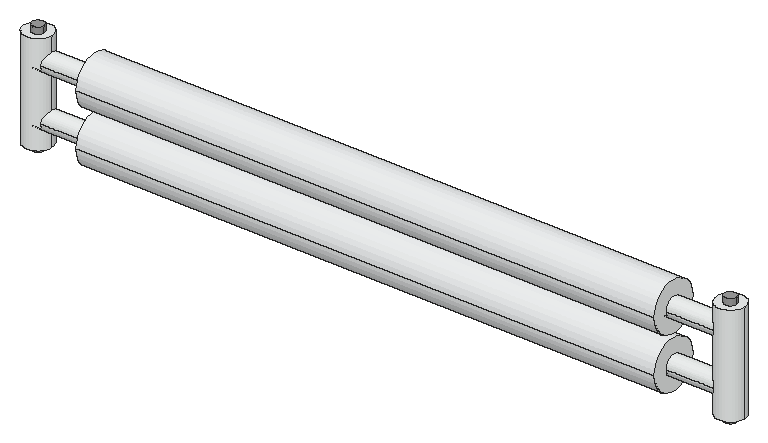
Revit family
Parameters (values of type "K33-73-08")
  URL = "http://viewer.zmags.com/publication/f01ae52f"
  Tube Radius = 16.9 mm
  Tube = RAL 9016
  Thermal Performance = Thermal Performance Constant * Length / 1000 mm  # 124.8
  Socket Thick = 10 mm
  Socket Radius = 10 mm
  Socket = RAL 9016
  Side Tube Radius = 24 mm
  R = Centre Line Distance / 2  # 45 mm
  Offset = 75 mm + Side Tube Radius  # 99 mm
  Model = "K33-73-08"
  Manufacturer = "Meinertz"  # constant formula
  Length = 1200 mm
  L = Length / 2  # 600 mm
  Keynote = "K33-73-08"
  Height = 150 mm
  GoGetNo = 6970  # constant formula
  Fins = yes
  Fin Radius = 41.5 mm
  Fin Pitch = RAL 9016 F
  Fin Diameter = Fin Radius * 2  # 83 mm
  Centre Line Distance = 90 mm
  Thermal Performance Constant = if(Fin Diameter = 73 mm, 88, if(Fin Diameter = 83 mm, 104, if(Fin Diameter = 92 mm, 88, if(Fin Diameter = 98 mm, 82, if(Fin Diameter = 123 mm, 110, if(Fin Diameter = 139 mm, 133, 180))))))  # 104
Types (9, lengths in mm): name | Tube Radius | Thermal Performance | Side Tube Radius | R | Offset | Model | Keynote | Height | Fin Radius | Fin Diameter | Centre Line Distance | Thermal Performance Constant
  (no name) | 16.9 | 124.8 | 24 | 45 | 99 | "K33-73-08" | "K33-73-08" | 150 | 41.5 | 83 | 90 | 104
  K33-73-08 | 16.9 | 124.8 | 24 | 45 | 99 | "K33-73-08" | "K33-73-08" | 150 | 41.5 | 83 | 90 | 104
  K33-83-10 | 16.9 | 124.8 | 24 | 50 | 99 | "K33-83-10" | "K33-83-10" | 150 | 41.5 | 83 | 100 | 104
  K42-92-10 | 21.2 | 105.6 | 30 | 50 | 105 | "K42-92-10" | "K42-92-10" | 150 | 46 | 92 | 100 | 88
  K48-98-10 | 24.2 | 98.4 | 38 | 60 | 113 | "K48-98-10" | "K48-98-10" | 125 | 49 | 98 | 120 | 82
  K60-110-10 | 30.2 | 216 | 54 | 75 | 129 | "K60-110-10" | "K60-110-10" | 150 | 55 | 110 | 150 | 180
  K60-123-12 | 30.2 | 132 | 54 | 75 | 129 | "K60-123-12" | "K60-123-12" | 100 | 61.5 | 123 | 150 | 110
  K76-139-12 | 38.5 | 159.6 | 57 | 95 | 132 | "K76-139-12" | "K76-139-12" | 150 | 69.5 | 139 | 190 | 133
  K101-164-12 | 50.8 | 216 | 69.5 | 135 | 144.5 | "K101-164-12" | "K101-164-12" | 150 | 82 | 164 | 270 | 180
Reference planes
  plane 1 "Center (Front/Back)": y = 0
  plane 2: z = 0
  plane 3 "Center (Left/Right)": x = 2
  plane 4: z = 191.5
  plane 5: z = 281.5
  plane 6: z = 150
  plane 7: z = 323
  plane 8: x = -598
  plane 9: x = 602
  plane 10: z = 236.5
  plane 11: x = 626
  plane 12: x = -622
  plane 13: z = 333
  plane 14: z = 140
Forms (mm)
  Extrusion 1, solid, material "RAL 9016" <- "Tube"
    sketch origin (0, 0, 0) x (1, 0, 0) y (0, 1, 0)
      loop
        circle (602, 0) r 24
    from 150 to 323
  Extrusion 2, solid, material "RAL 9016" <- "Tube"
    sketch origin (0, 0, 0) x (1, 0, 0) y (0, 1, 0)
      loop
        circle (-598, 0) r 24
    from 150 to 323
  Extrusion 3, solid, material "Tap"
    sketch origin (0, 0, 0) x (1, 0, 0) y (0, 1, 0)
      loop
        circle (-598, 0) r 10
    from 323 to 333
  Extrusion 4, solid, material "Tap"
    sketch origin (0, 0, -238) x (1, 0, 0) y (0, 1, 0)
      loop
        circle (-598, 0) r 10
    from 378 to 388
  Extrusion 5, solid, material "Tap"
    sketch origin (4, 0, 0) x (-1, 0, 0) y (0, -1, 0)
      loop
        circle (-598, 0) r 10
    from 323 to 333
  Extrusion 6, solid, material "Tap"
    sketch origin (4, 0, -238) x (-1, 0, 0) y (0, -1, 0)
      loop
        circle (-598, 0) r 10
    from 378 to 388
Dimensions and locks
  "Centre Line Distance": plane 5 to plane 4
  "Height": plane 6 to level
  "Fin Radius": plane 7 to plane 5
  "Fin Radius": plane 4 to plane 6
  "L": plane 3 "Center (Left/Right)" to plane 8
  "L": plane 9 to plane 3 "Center (Left/Right)"
  equal spacing: plane 5, plane 10, plane 4
  "Side Tube Radius": plane 12 to plane 8
  "Side Tube Radius": plane 9 to plane 11
  "Socket Thick": plane 6 to plane 14
  "Socket Thick": plane 13 to plane 7
  "Side Tube Radius": radius of Extrusion 1 sketch curve
  "Side Tube Radius": radius of Extrusion 2 sketch curve
  "Socket Radius": radius of Extrusion 3 sketch curve
  "Socket Radius": radius of Extrusion 4 sketch curve
  "Socket Radius": radius of Extrusion 5 sketch curve
  "Socket Radius": radius of Extrusion 6 sketch curve
  aligned and locked: plane 1 "Center (Front/Back)" to nested 1
  aligned and locked: plane 4 to nested 1
  aligned and locked: plane 5 to nested 2
  aligned and locked: plane 9 to nested 2
  aligned and locked: plane 9 to nested 1
  aligned and locked: plane 7 to Extrusion 1
  aligned and locked: Extrusion 1 to plane 6
  aligned and locked: plane 7 to Extrusion 2
  aligned and locked: Extrusion 2 to plane 6
  aligned and locked: plane 13 to Extrusion 3
  aligned and locked: Extrusion 3 to plane 7
  aligned and locked: Extrusion 4 to Extrusion 2
  aligned and locked: plane 14 to Extrusion 4
  aligned and locked: plane 13 to Extrusion 5
  aligned and locked: Extrusion 5 to plane 7
  aligned and locked: plane 6 to Extrusion 6
  aligned and locked: plane 14 to Extrusion 6
Automatic sketch dimensions
  Extrusion 1 sketch curve to plane 1 "Center (Front/Back)" = 0 mm
  Extrusion 1 sketch curve to plane 9 = 0 mm
  Extrusion 2 sketch curve to plane 1 "Center (Front/Back)" = 0 mm
  Extrusion 2 sketch curve to plane 8 = 0 mm
  Extrusion 3 sketch curve to plane 1 "Center (Front/Back)" = 0 mm
  Extrusion 3 sketch curve to plane 8 = 0 mm
  Extrusion 4 sketch curve to plane 1 "Center (Front/Back)" = 0 mm
  Extrusion 4 sketch curve to plane 8 = 0 mm
  Extrusion 5 sketch curve to plane 1 "Center (Front/Back)" = 0 mm
  Extrusion 5 sketch curve to plane 9 = 0 mm
  Extrusion 6 sketch curve to plane 1 "Center (Front/Back)" = 0 mm
  Extrusion 6 sketch curve to plane 9 = 0 mm
Nested families
  nested 1: "Ribberør LSV-Finned Tube" at (2, 0, -8.5), type "k33-73-08"
  nested 2: "Ribberør LSV-Finned Tube" at (2, 0, 81.5), type "k33-73-08"
Connectors
  piping at (-598, 0, 140)
    settings: on Extrusion 4, index 1, connector radius 10 mm, flow factor 0, pipe flow 0.0 L/s, pressure drop 0.0 Pa, fitting loss kfactor 0, connector angle 0.00°, fixture units 0, flow configuration 1, flow direction 1, fitting loss method 0, system type 22, connector reference index -1, connector utility 0, adjustable connector no, is connector primary yes, fitting loss table "", connector description ""
  piping at (602, 0, 140)
    settings: on Extrusion 6, index 2, connector radius 10 mm, flow factor 0, pipe flow 0.0 L/s, pressure drop 0.0 Pa, fitting loss kfactor 0, connector angle 0.00°, fixture units 0, flow configuration 1, flow direction 2, fitting loss method 0, system type 22, connector reference index -1, connector utility 0, adjustable connector no, is connector primary no, fitting loss table "", connector description ""
  piping at (602, 0, 333)
    settings: on Extrusion 5, index 3, connector radius 10 mm, flow factor 0, pipe flow 0.0 L/s, pressure drop 0.0 Pa, fitting loss kfactor 0, connector angle 0.00°, fixture units 0, flow configuration 1, flow direction 1, fitting loss method 0, system type 22, connector reference index -1, connector utility 0, adjustable connector no, is connector primary no, fitting loss table "", connector description ""
  piping at (-598, 0, 333)
    settings: on Extrusion 3, index 4, connector radius 10 mm, flow factor 0, pipe flow 0.0 L/s, pressure drop 0.0 Pa, fitting loss kfactor 0, connector angle 0.00°, fixture units 0, flow configuration 1, flow direction 2, fitting loss method 0, system type 22, connector reference index -1, connector utility 0, adjustable connector no, is connector primary no, fitting loss table "", connector description ""
Definition of nested family "Ribberør LSV-Finned Tube"
  Parameters (values of type "K101-164-12")
    URL = "http://www.meinertz.com"
    Tube Radius = Tube Diameter / 2  # 50.55 mm
    Tube Diameter = 101.1 mm
    Tube = none
    Model = "K101-164-12"
    Offset = 75 mm
    Max #1 Pole Breakers [instance] = 371
    Manufacturer = "Meinertz"
    Length = 2000 mm
    Keynote = "K101-164-12"
    Height = 200 mm
    GoGetNo = 6959  # constant formula
    Fins = yes
    Fin Radius = Fin Diameter / 2  # 82 mm
    Fin Pitch = RAL 9016
    Fin Offset = 0.6 mm
    Fin Diameter = 164 mm
    Assembly Code = ""
  Types (10, lengths in mm): name | Tube Radius | Tube Diameter | Tube | Model | Offset | Max #1 Pole Breakers | Length | Keynote | Height | Fin Radius | Fin Pitch | Fin Offset | Fin Diameter
    K33-83-10 | 16.85 | 33.7 | RAL 9016 F | "K33-83-10" | 75 | 271 | 1200 | "K33-83-10" | 150 | 36.5 | RAL 9016 F | 0.3 | 73
    K42-92-10 | 21.2 | 42.4 | none | "K101-164-12" | 75 | 211 | 1200 | "K101-164-12" | 200 | 46 | RAL 9016 | 0.4 | 92
    K48-98-10 | 24.15 | 48.3 | none | "K101-164-12" | 75 | 211 | 1200 | "K101-164-12" | 200 | 49 | RAL 9016 | 0.4 | 98
    K60-110-10 | 30.15 | 60.3 | RAL 9016 | "K101-164-12" | 75 | 211 | 1200 | "K101-164-12" | 200 | 55 | RAL 9016 | 0.5 | 110
    K60-123-12 | 16.85 | 33.7 | RAL 9016 F | "K60-123-12" | 75 | 271 | 1200 | "K60-123-12" | 150 | 36.5 | RAL 9016 F | 0.4 | 73
    K76-139-12 | 38.05 | 76.1 | none | "K101-164-12" | 75 | 211 | 1200 | "K101-164-12" | 200 | 69.5 | RAL 9016 | 0.5 | 139
    K101-164-12 | 50.55 | 101.1 | none | "K101-164-12" | 75 | 371 | 2000 | "K101-164-12" | 200 | 82 | RAL 9016 | 0.6 | 164
    K60-139-12 | 30.15 | 60.3 | none | "K101-164-12" | 75 | 211 | 1200 | "K101-164-12" | 200 | 61.5 | RAL 9016 | 0.4 | 123
    k33-83-08 | 16.85 | 33.7 | none | "K101-164-12" | 75 | 211 | 1200 | "K101-164-12" | 200 | 41.5 | RAL 9016 | 0.3 | 83
    k33-73-08 | 16.9 | 33.8 | RAL 9016 | "K101-164-12" | 99 | 196 | 1200 | "K101-164-12" | 200 | 41.5 | RAL 9016 F | 0.3 | 83
  Reference planes
    plane 1 "Center (Front/Back)": y = 0
    plane 2: z = 0
    plane 3 "Center (Left/Right)": x = 0
    plane 4: x = -1000
    plane 5: x = 1000
    plane 6: z = 200
    plane 7: x = -925
    plane 8: x = 925
  Forms (mm)
    Extrusion 1, solid, material <- "Tube"
      sketch origin (0, 0, 0) x (0, 1, 0) y (0, 0, 1)
        loop
          circle (0, 200) r 50.55
      from -1000 to 1000
    Extrusion 2, solid, material "RAL 9016" <- "Fin Pitch", visible <- "Fins"
      sketch origin (0, 0, 0) x (0, 1, 0) y (0, 0, 1)
        loop
          circle (0, 200) r 82
      from -925 to 925
  Dimensions and locks
    equal spacing: plane 4, plane 3 "Center (Left/Right)", plane 5
    "Length": plane 4 to plane 5
    "Offset": plane 4 to plane 7
    "Offset": plane 8 to plane 5
    "Height": plane 6 to plane 2
    "Tube Radius": radius of Extrusion 1 sketch curve
    "Fin Radius": radius of Extrusion 2 sketch curve
    aligned and locked: Extrusion 1 to plane 4
    aligned and locked: plane 5 to Extrusion 1
    aligned and locked: plane 8 to Extrusion 2
    aligned and locked: Extrusion 2 to plane 7
  Automatic sketch dimensions
    Extrusion 1 sketch curve to plane 1 "Center (Front/Back)" = 0 mm
    Extrusion 1 sketch curve to plane 6 = 0 mm
    Extrusion 2 sketch curve to plane 1 "Center (Front/Back)" = 0 mm
    Extrusion 2 sketch curve to plane 6 = 0 mm
